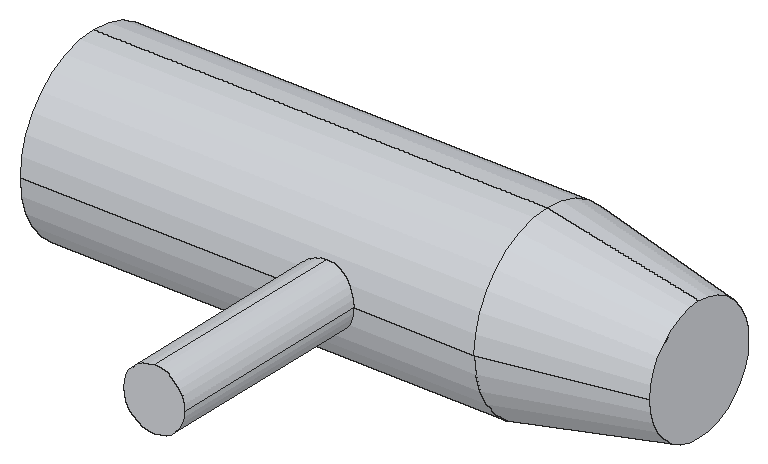
Revit family "RU T-Stück 90 Grad - Gleitgelenk", category Luftkanalformteile, Revit 2014
Parameters (values of type "Allgemein")
  r3 [instance] = 50 mm
  r2 [instance] = 100 mm
  r1 [instance] = 150 mm
  l4 [instance] = if(0.5 * (l3) > r3, 0.5 * (l3), r3)  # 246.125 mm
  l3 [instance] = if(l = 0 mm, if(Länge l3 > d3 / 2, Länge l3, Max. d1d2d3 * 0.5), if(l > d3 / 2, l, Max. d1d2d3 * 0.5))  # 492.25 mm
  l [instance] = 0 mm
  Länge l3 [instance] = 1.1045 * Max. d1d2d3 + 160.9 mm  # 492.25 mm
  d3 [instance] = 2 * r3  # 100 mm
  d2 [instance] = 2 * r2  # 200 mm
  d13 [instance] = if(d1 < d3, d1, d3)  # 100 mm
  Min. d1d2d3 [instance] = if(d13 < d2, d13, d2)  # 100 mm
  Max. d1d2d3 [instance] = if(d12 > d3, d12, d3)  # 300 mm
  d1 [instance] = 2 * r1  # 300 mm
  d12 [instance] = if(d1 > d2, d1, d2)  # 300 mm
Reference planes
  plane 1 "Mitte (vorne/hinten)": y = 0
  plane 2: z = 0
  plane 3 "Mitte (links/rechts)": x = 0
  plane 4: x = -492.25
  plane 5: x = 492.25
  plane 6: y = -492.25
  plane 7: x = 246.125
Forms (mm)
  SweptBlend 1, solid, detail levels medium+fine
    path origin (0, 0, 0) x (1, 0, 0) y (0, 1, 0)
      loop
        line (246.125, 0) -> (492.25, 0)
    profile "Luftkanal - rund : Luftkanal - rund 1" origin (246.125, 0, 0) x (0, 1, 0) y (0, 0, 1)
      loop
        arc (-150, 0) -> (-106.066, -106.066) -> (0, -150) r 150
        arc (0, -150) -> (106.066, -106.066) -> (150, 0) r 150
        arc (150, 0) -> (106.066, 106.066) -> (0, 150) r 150
        arc (0, 150) -> (-106.066, 106.066) -> (-150, 0) r 150
    end profile "Luftkanal - rund : Luftkanal rund - 2" origin (492.25, 0, 0) x (0, 1, 0) y (0, 0, 1)
      loop
        arc (-100, 0) -> (-70.711, -70.711) -> (0, -100) r 100
        arc (0, -100) -> (70.711, -70.711) -> (100, 0) r 100
        arc (100, 0) -> (70.711, 70.711) -> (0, 100) r 100
        arc (0, 100) -> (-70.711, 70.711) -> (-100, 0) r 100
  Sweep 2, solid, detail levels medium+fine
    path origin (0, 0, 0) x (1, 0, 0) y (0, 1, 0)
      loop
        line (-492.25, 0) -> (246.125, 0)
    profile "Luftkanal - rund : Luftkanal - rund 1" origin (-123.062, 0, 0) x (0, 1, 0) y (0, 0, 1)
      loop
        arc (-150, 0) -> (-106.066, -106.066) -> (0, -150) r 150
        arc (0, -150) -> (106.066, -106.066) -> (150, 0) r 150
        arc (150, 0) -> (106.066, 106.066) -> (0, 150) r 150
        arc (0, 150) -> (-106.066, 106.066) -> (-150, 0) r 150
  Sweep 3, solid, detail levels medium+fine
    path origin (0, 0, 0) x (1, 0, 0) y (0, 1, 0)
      loop
        line (0, -492.25) -> (0, 0)
    profile "Luftkanal - rund : Luftkanal - rund 3" origin (0, -246.125, 0) x (-1, 0, 0) y (0, 0, 1)
      loop
        arc (-50, 0) -> (-35.355, -35.355) -> (0, -50) r 50
        arc (0, -50) -> (35.355, -35.355) -> (50, 0) r 50
        arc (50, 0) -> (35.355, 35.355) -> (0, 50) r 50
        arc (0, 50) -> (-35.355, 35.355) -> (-50, 0) r 50
Cuts and joins
  joined: SweptBlend 1, Sweep 2, Sweep 3
Lines and regions (mm)
  model lines, detail levels coarse
    curve 1: line (-492.25, 0, 0) -> (246.125, 0, 0)
    curve 2: line (246.125, 0, 0) -> (492.25, 0, 0)
    curve 3: line (0, 0, 0) -> (0, -492.25, 0)
Dimensions and locks
  "l4": plane 3 "Mitte (links/rechts)" to plane 7
  "l3": plane 4 to plane 3 "Mitte (links/rechts)"
  "l3": plane 3 "Mitte (links/rechts)" to plane 5
  "l3": plane 1 "Mitte (vorne/hinten)" to plane 6
  aligned and locked: plane 1 "Mitte (vorne/hinten)" to curve 1
  aligned and locked: plane 7 to curve 1
  aligned and locked: curve 3 to plane 3 "Mitte (links/rechts)"
  aligned and locked: plane 1 "Mitte (vorne/hinten)" to curve 3
  aligned and locked: curve 1 to SweptBlend 1 sketch curve
  aligned and locked: plane 1 "Mitte (vorne/hinten)" to Sweep 2 sketch curve
  aligned and locked: plane 4 to Sweep 2 sketch curve
  aligned and locked: plane 7 to Sweep 2 sketch curve
  aligned and locked: plane 3 "Mitte (links/rechts)" to Sweep 3 sketch curve
  aligned and locked: plane 1 "Mitte (vorne/hinten)" to Sweep 3 sketch curve
  aligned and locked: plane 6 to Sweep 3 sketch curve
  aligned and locked: plane 5 to curve 2
  aligned and locked: plane 4 to curve 1
  aligned and locked: plane 6 to curve 3
Automatic sketch dimensions
  SweptBlend 1 sketch curve to plane 5 = 0 mm
  SweptBlend 1 sketch curve to plane 7 = 0 mm
Connectors
  hvac at (-492.25, 0, 0), driven by "r1"
    settings: on cut or joined group of SweptBlend 1, Sweep 2, Sweep 3, index 1, duct flow 0.0 L/s, flow factor 0, pres drop 0.0 Pa, loss coef 0, conn angle 0.00°, conn width 304.8 mm, conn height 304.8 mm, conn diameter 300 mm, duct sys type 28, conn prof type 0, flow config 0, flow direction 0, loss method 0, conn ref index 2, conn util no, is conn primary yes, conn desc ""
  hvac at (492.25, 0, 0), driven by "r2"
    settings: on SweptBlend 1, index 2, duct flow 0.0 L/s, flow factor 0, pres drop 0.0 Pa, loss coef 0, conn angle 0.00°, conn width 304.8 mm, conn height 304.8 mm, conn diameter 200 mm, duct sys type 28, conn prof type 0, flow config 0, flow direction 0, loss method 0, conn ref index 1, conn util no, is conn primary no, conn desc ""
  hvac at (0, -492.25, 0), driven by "r3"
    settings: on cut or joined group of SweptBlend 1, Sweep 2, Sweep 3, index 3, duct flow 0.0 L/s, flow factor 0, pres drop 0.0 Pa, loss coef 0, conn angle 0.00°, conn width 304.8 mm, conn height 304.8 mm, conn diameter 100 mm, duct sys type 28, conn prof type 0, flow config 0, flow direction 0, loss method 0, conn ref index -1, conn util no, is conn primary no, conn desc ""
